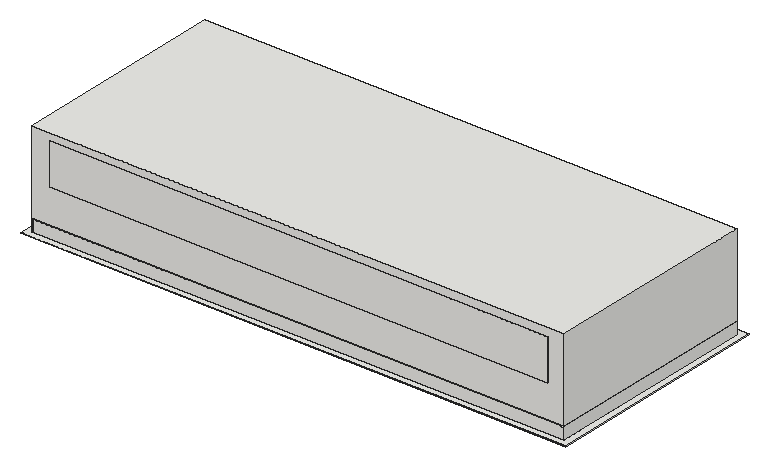
Revit family "AIRTECNICS_AIR CURTAIN_RECESSED WINDBOX BB_AIR ONLY (A)_00", category Mechanical Equipment, Revit 2016
Family settings
  Part Type = Normal
  Round Connector Dimension = Use Diameter
  OmniClass Number = 23.75.70.21.17
  OmniClass Title = Air Curtains
  Work Plane-Based = No
  Always vertical = Yes
  Cut with Voids When Loaded = No
  Shared = No
  Room Calculation Point = No
Parameters (values of type "WINDBOX RBB 2000 A")
  · OTHERS · [instance] = "-/ Select Supports - Inst.Maint. Space /-"  # constant formula
  · HEATING · [instance] = "-/ Heating /-"  # constant formula
  Weight [instance] = size_lookup(Name_Lookup_Data, "Weight", 1.00 kg, CT)  # 100.00 kg
  Voltage [instance] = 230 V  # constant formula
  URL_Manufacturer = "https://www.airtecnics.com"
  URL_Datasheet = "https://www.airtecnics.com/download/file/5184/recessed-windbox-bb.pdf"
  Supports Length [instance] = 500.0 mm
  Supports (Horizontal) [instance] = no
  Revit Version = "Revit 2016 - English"  # constant formula
  Review Date = "12/18"  # constant formula
  Remote Control = "-"  # constant formula
  Product Size = if(CT = 2, "1000", if(CT = 4, "1500", if(CT = 8, "2000", if(CT = 16, "2500", if(CT = 32, "3000", "Consult Manufacturer")))))  # "2000"
  Product Reference [instance] = size_lookup(Name_Lookup_Ref, "", "Consult Manufacturer", CT)  # "RBB 2000 A"
  Product Heating [instance] = "Air"  # constant formula
  Product Description [instance] = size_lookup(Name_Lookup_Data, "", "Consult Manufacturer", CT)  # "Self-supporting casing construction made of galvanized steel plate, ready to be installed recessed in a false ceiling. \r\nInlet grille (free of maintenance) made with aluminium profiles and blow-out nozzle, integrated in a single white frame colour RAL 9016. Other colours are available on request. \r\nAnodized aluminium outlet vanes, airfoil shaped, adjustable in both directions.\r\nEC Double-inlet centrifugal fans driven by an external rotor motor and low noise level, with very low consumption efficency fans.\r\n“A” type without heating, air only. \r\nIncludes Clever control (programmable, automatic, intelligent, energy saving, Modbus RTU for BMS…)\r\nAir Volume: 8040 m3/h \r\nFans:  1,746 kW  7,74 A 230Vx1 50/60Hz\r\nDimensions: 860x360x2050 mm (depth, height, length)"
  Power Fans Factor [instance] = size_lookup(Name_Lookup_Data, "Power Fans Factor", 1, CT)  # 0.98
  Power Fans [instance] = size_lookup(Name_Lookup_Data, "Power Fans", 1 kW, CT)  # 1.746 kW
  Noise Level (dB(A)) [instance] = size_lookup(Name_Lookup_Data, "Noise Level (dB(A))", 1, CT)  # 68
  Name_Lookup_Ref = "R_WINDBOX BB_(A)_Ref_Lookup"  # constant formula
  Name_Lookup_Data = "R_WINDBOX BB_(A)_Data_Lookup"  # constant formula
  Material Inlet Grille [instance] = AIRTECNICS_White RAL 9016
  Material Curtain [instance] = AIRTECNICS_White RAL 9016
  Length = if(CT = 2, 1050.0 mm, if(CT = 4, 1550.0 mm, if(CT = 8, 2050.0 mm, if(CT = 16, 2550.0 mm, L + 50.0 mm))))  # 2050.0 mm
  IfcExportType = "CENTRIFUGALFORWARDCURVED"  # constant formula
  IfcExportAs = "IfcFanType"  # constant formula
  Height = 360.0 mm  # constant formula
  Frequency = 50 Hz  # constant formula
  Fans Stage = 5  # constant formula
  Family Version = "1.0"  # constant formula
  Depth = 860.0 mm  # constant formula
  Current Fans [instance] = size_lookup(Name_Lookup_Data, "Current Fans", 1 A, CT)  # 7.74 A
  Created by = "BIMETRICAL"  # constant formula
  Control [instance] = "Clever Kit"  # constant formula
  Cable = "-"  # constant formula
  URL = "https://www.airtecnics.com/products/air-curtain-recessed-windbox-bb"
  Model = "Air curtain Recessed Windbox BB A"  # constant formula
  L = 2000.0 mm
  Type Image = <None>
  Manufacturer = "AIRTECNICS"  # constant formula
  Description = ""
  Type Comments = "Self-supporting casing construction made of galvanized steel plate, ready to be installed recessed in a false ceiling. \r\nInlet grille (free of maintenance) made with aluminium profiles and blow-out nozzle, integrated in a single white frame colour RAL 9016. Other colours are available on request. \r\nAnodized aluminium outlet vanes, airfoil shaped, adjustable in both directions.\r\nEC Double-inlet centrifugal fans driven by an external rotor motor and low noise level, with very low consumption efficency fans.\r\n“P” type with water heated coil. “E” type with electrical shielded elements, three stages with integrated regulation. “A” type without heating, air only. Optional expansion DX coil.\r\nIncludes Clever control (programmable, automatic, intelligent, energy saving, Modbus RTU for BMS…)"  # constant formula
  CT = if(L = 1000.0 mm, 2, 0) + if(L = 1500.0 mm, 4, 0) + if(L = 2000.0 mm, 8, 0) + if(L = 2500.0 mm, 16, 0) + if(L = 3000.0 mm, 32, 0)  # 8
  BIMETRICAL Category = "Fan"  # constant formula
  BIMETRICAL = "http://www.bimetrical.com/"  # constant formula
  Aspiration/Maintenance Space [instance] = no
  Apparent Load [instance] = size_lookup(Name_Lookup_Data, "Apparent Load", 1 VA, CT)  # 1782 VA
  Airflow [instance] = size_lookup(Name_Lookup_Data, "Airflow", 1 m³/h, CT)  # 8040 m³/h
  A [instance] = 1 = 1  # yes
Reference planes
  plane 1 "Centro (Frontal/Posterior)": z = 0
  plane 2: y = 246.57
  plane 3 "Centro (Izquierda/Derecha)": x = 0
Lines and regions (mm)
  reference lines
    curve 1: line (0, 246.57, 0) -> (0, 246.57, 130)
Dimensions and locks
  angle plane 1 "Centro (Frontal/Posterior)" to curve 1 = 90.00°
Nested families
  nested 1: "GEOM_RECESSED WINDBOX BB (A-E)" at (0, 175, 48), L <- "L", ViHS <- "Supports (Horizontal)", Support Length <- "Supports Length", Aspiration/Maintenance Space <- "Aspiration/Maintenance Space", Material Curtain <- "Material Curtain", Material Inlet Grille <- "Material Inlet Grille", CT <- "CT", type "Air curtain Recessed Windbox BB (A-E)"
    with ViHSC no, ViHS no, Vi2 no, Vi1 yes, TI 9, Support Length 500.0 mm, Material Inlet Grille AIRTECNICS_White RAL 9016, Material Curtain AIRTECNICS_White RAL 9016, LiS 810.0 mm, Li6 810.0 mm, Li17 64.5 mm, Li16 10.0 mm, Li15 10.0 mm, L 2000.0 mm, CT 8, Aspiration/Maintenance Space no
Connectors
  electrical at (859, 555.57, 358), driven by "Voltage", driven by "Apparent Load", driven by "Power Fans Factor", driven by "Apparent Load"
    settings: on nested 1, index 1, voltage 230 V, apparent load 1782 VA, apparent load phase1 1782 VA, apparent load phase2 0 VA, apparent load phase3 0 VA, power factor 0.98, load classification "HVAC", number of poles 1, system type 30, power factor state 1, is connector primary yes, connector utility no, sub classification motor no, connector description ""
Definition of nested family "GEOM_RECESSED WINDBOX BB (A-E)"
  Parameters (values of type "Air curtain Recessed Windbox BB (A-E)")
    ViHSC [instance] = if(and(ViHS, L > 1000.0 mm), 1 = 1, 1 = 0)  # no
    Vi2 [instance] = if(L = 2500.0 mm, 1 = 1, 1 = 0)  # yes
    Vi1 [instance] = not(Vi2)  # no
    TI [instance] = if(L = 1000.0 mm, 5, if(L = 1500.0 mm, 7, if(L = 2000.0 mm, 9, if(L = 2500.0 mm, 11, L / 200.0 mm))))  # 11
    Material Outlet Grille = none
    Material II = none
    Material I = none
    Material Inlet Grille [instance] = none
    Material = none
    Li17 [instance] = if(or(CT = 2, CT = 16), 59.5 mm, if(or(CT = 4, CT = 32), 62.0 mm, 64.5 mm))  # 59.5 mm
    Li16 [instance] = 10.0 mm  # constant formula
    Li15 [instance] = 10.0 mm  # constant formula
    CT [instance] = 16
    ViHS [instance] = no
    Support Length [instance] = 500.0 mm
    LiS [instance] = Support Length + 310.0 mm  # 810.0 mm
    Revit Version = "Revit 2016 - English"  # constant formula
    Review Date = "12/18"  # constant formula
    Material Curtain [instance] = none
    Li6 [instance] = Depth  # 810.0 mm
    Family Version = "1.0"  # constant formula
    Depth = 810.0 mm  # constant formula
    Default Elevation = 1219.2 mm
    Created by = "BIMETRICAL"  # constant formula
    URL = "https://www.airtecnics.com/products/air-curtain-recessed-windbox-bb"
    Model = "Air curtain Recessed Windbox BB"  # constant formula
    L [instance] = 2500.0 mm
    Type Image = (empty or 0)
    Manufacturer = "AIRTECNICS"  # constant formula
    Description = "AIRTECNICS_Air curtain Recessed Windbox BB"  # constant formula
    Type Comments = ""
    BIMETRICAL Category = "Fan"  # constant formula
    BIMETRICAL = "http://www.bimetrical.com/"  # constant formula
    Aspiration/Maintenance Space [instance] = no
  Reference planes
    plane 1 "Centro (Frontal/Posterior)": z = 0
    plane 2: y = 226.57
    plane 3 "Centro (Izquierda/Derecha)": x = 0
    plane 4: z = 310
    plane 5: y = 476.57
    plane 6: y = -23.43
    plane 7: x = -1250
    plane 8: x = 1250
    plane 9: x = -1210
    plane 10: x = 1210
    plane 11: y = 442.57
    plane 12: y = 105.57
    plane 13: y = -313.43
    plane 14: y = -333.43
    plane 15: y = 501.57
    plane 16: x = 1275
    plane 17: y = -358.43
    plane 18: z = -48
    plane 19: z = -50
    plane 20: x = 1248
    plane 21: x = -1248
    plane 22: x = -418.5
    plane 23: x = 418.5
    plane 24: x = -1203.5
    plane 25: x = 1203.5
    plane 26: x = -962.8
    plane 27: x = -722.1
    plane 28: x = -481.4
    plane 29: z = -250
    plane 30: y = -331.454
    plane 31: y = -49.53
    plane 32: x = 1335
    plane 33: x = -1425
    plane 34: x = -240.7
    plane 35: x = 0
    plane 36: x = 240.7
    plane 37: x = 481.4
    plane 38: x = 722.1
    plane 39: x = 962.8
    plane 40: x = -1190.5
    plane 41: x = 1190.5
  Forms (mm)
    Extrusion 1, solid, material <- "Material Inlet Grille"
      sketch origin (0, 0, -50) x (1, 0, 0) y (0, 1, 0)
        loop
          line (-1250, 476.57) -> (-1250, -333.43) -> (1250, -333.43) -> (1250, 476.57) -> (-1250, 476.57)
      from 0 to 50
    Extrusion 2, void, detail levels medium+fine
      sketch origin (0, 0, -50) x (1, 0, 0) y (0, 1, 0)
        loop
          line (-1249, 474.57) -> (-1249, 387.47) -> (1249, 387.47) -> (1249, 474.57) -> (-1249, 474.57)
      from 0 to 46
    Extrusion 3, solid, material <- "Material Curtain", not visible
      sketch origin (559.734, 0, 50) x (1, 0, 0) y (0, 1, 0)
        loop
          line (613.266, 405.57) -> (485.266, 405.57) -> (485.266, 355.57) -> (613.266, 355.57) -> (613.266, 405.57)
      from 260 to 259
    Extrusion 4, solid, visible <- "ViHS"
      sketch origin (0, 0, 0) x (1, 0, 0) y (0, 1, 0)
        loop
          circle (-1210, 442.57) r 3.375
      from 310 to 810 <- "LiS"
    Extrusion 5, solid, visible <- "ViHSC"
      sketch origin (1185, 0, 0) x (1, 0, 0) y (0, 1, 0)
        loop
          circle (-1185, 442.57) r 3.375
      from 310 to 810 <- "LiS"
    Extrusion 6, solid, visible <- "ViHS"
      sketch origin (2385, 0, 0) x (1, 0, 0) y (0, 1, 0)
        loop
          circle (-1175, 442.57) r 3.375
      from 310 to 810 <- "LiS"
    Extrusion 7, solid, visible <- "ViHSC"
      sketch origin (1185, -240, 0) x (1, 0, 0) y (0, 1, 0)
        loop
          circle (-1185, 345.57) r 3.375
      from 310 to 810 <- "LiS"
    Extrusion 8, solid, visible <- "ViHS"
      sketch origin (2344.293, -280.483, 0) x (1, 0, 0) y (0, 1, 0)
        loop
          circle (-1134.293, 386.053) r 3.375
      from 310 to 810 <- "LiS"
    Extrusion 9, solid, visible <- "ViHS"
      sketch origin (9.293, -280.483, 0) x (1, 0, 0) y (0, 1, 0)
        loop
          circle (-1219.293, 386.053) r 3.375
      from 310 to 810 <- "LiS"
    Extrusion 10, solid, visible <- "Aspiration/Maintenance Space"
      sketch origin (0, 0, -50) x (1, 0, 0) y (0, 1, 0)
        loop
          line (-1250, 476.57) -> (-1250, -333.43) -> (1250, -333.43) -> (1250, 476.57) -> (-1250, 476.57)
      from 360 to 460
    Extrusion 11, solid, visible <- "Aspiration/Maintenance Space"
      sketch origin (230, 226.57, 5) x (1, 0, 0) y (0, 0, 1)
        loop
          line (1020, 305) -> (1020, -53) -> (1030, -53) -> (1030, 305) -> (1020, 305)
      from -250 to 560
    Extrusion 12, solid, visible <- "Aspiration/Maintenance Space"
      sketch origin (-2520, 226.57, 5) x (1, 0, 0) y (0, 0, 1)
        loop
          line (1260, 305) -> (1260, -53) -> (1270, -53) -> (1270, 305) -> (1260, 305)
      from -250 to 560
    Extrusion 13, solid, visible <- "ViHSC"
      sketch origin (1185, -609, 0) x (1, 0, 0) y (0, 1, 0)
        loop
          circle (-1185, 295.57) r 3.375
      from 310 to 810 <- "LiS"
    Extrusion 14, solid, visible <- "ViHS"
      sketch origin (2344.293, -649.483, 0) x (1, 0, 0) y (0, 1, 0)
        loop
          circle (-1134.293, 336.053) r 3.375
      from 310 to 810 <- "LiS"
    Extrusion 15, solid, visible <- "ViHS"
      sketch origin (9.293, -649.483, 0) x (1, 0, 0) y (0, 1, 0)
        loop
          circle (-1219.293, 336.053) r 3.375
      from 310 to 810 <- "LiS"
    Extrusion 16, solid, material <- "Material Inlet Grille"
      sketch origin (-54.078, -166.435, -50) x (1, 0, 0) y (0, 1, 0)
        loop
          line (-1220.922, -191.996) -> (1329.078, -191.996) -> (1329.078, 668.004) -> (-1220.922, 668.004) -> (-1220.922, -191.996)
        loop
          line (-1195.922, -166.996) -> (1304.078, -166.996) -> (1304.078, 643.004) -> (-1195.922, 643.004) -> (-1195.922, -166.996)
      from 0 to 2
    Sweep 17, void
      path origin (0, 0, -50) x (1, 0, 0) y (0, 1, 0)
        loop
          line (-1250, 476.57) -> (-1250, -333.43) -> (1250, -333.43) -> (1250, 476.57) -> (-1250, 476.57)
      profile origin (0, 476.57, -50) x (0, 1, 0) y (0, 0, 1)
        loop
          line (0, 46) -> (0, 50) -> (-4, 50)
          arc (-4, 50) -> (-1.172, 48.828) -> (0, 46) r 4
    Extrusion 18, solid, material <- "Material Outlet Grille"
      sketch origin (0, 0, 0) x (0, 1, 0) y (0, 0, 1)
        loop
          line (452.413, -27.506) -> (455.591, -46.036)
          arc (455.591, -46.036) -> (457.07, -47.282) -> (458.548, -46.036) r 1.5
          line (458.548, -46.036) -> (461.726, -27.506)
          arc (461.726, -27.506) -> (457.07, -21.982) -> (452.413, -27.506) r 4.725
        loop
          arc (429.342, -46.036) -> (430.82, -47.282) -> (432.299, -46.036) r 1.5
          line (432.299, -46.036) -> (435.477, -27.506)
          arc (435.477, -27.506) -> (430.82, -21.982) -> (426.163, -27.506) r 4.725
          line (426.163, -27.506) -> (429.342, -46.036)
        loop
          arc (409.976, -27.506) -> (405.319, -21.982) -> (400.662, -27.506) r 4.725
          line (400.662, -27.506) -> (403.84, -46.036)
          arc (403.84, -46.036) -> (405.319, -47.282) -> (406.797, -46.036) r 1.5
          line (406.797, -46.036) -> (409.976, -27.506)
      from -1248 to 1248
    Extrusion 19, void, detail levels medium+fine
      sketch origin (0, -484.3, -50) x (1, 0, 0) y (0, 1, 0)
        loop
          line (-1249, 434.77) -> (-1249, 152.846) -> (1249, 152.846) -> (1249, 434.77) -> (-1249, 434.77)
      from 0 to 46
    Extrusion 20, solid, material <- "Material Curtain"
      sketch origin (0, 0, -50) x (1, 0, 0) y (0, 1, 0)
        loop
          line (-1250, 476.57) -> (-1250, -333.43) -> (1250, -333.43) -> (1250, 476.57) -> (-1250, 476.57)
      from 50 to 360
    Extrusion 21, solid, material <- "Material II", visible <- "Vi1"
      sketch origin (0, 0, 0) x (0, 1, 0) y (0, 0, 1)
        loop
          line (474.57, -4) -> (400.57, -4) -> (400.57, -47.504) -> (474.57, -47.504) -> (474.57, -4)
      from -7.5 to 7.5
    Extrusion 22, solid, material <- "Material I"
      sketch origin (1191.816, 0, 0) x (0, 1, 0) y (0, 0, 1)
        loop
          arc (402.126, -44.927) -> (403.13, -46.77) -> (405.096, -47.504) r 3
          line (405.096, -47.504) -> (431.043, -47.504)
          arc (431.043, -47.504) -> (433.022, -46.759) -> (434.017, -44.893) r 3
          line (434.017, -44.893) -> (437.046, -21.725)
          arc (437.046, -21.725) -> (436.086, -18.568) -> (433.08, -17.207) r 4
          line (433.08, -17.207) -> (403.059, -17.207)
          arc (403.059, -17.207) -> (400.04, -18.583) -> (399.098, -21.764) r 4
          line (399.098, -21.764) -> (402.126, -44.927)
      from 53.181 to 56.184
    Extrusion 23, solid, material <- "Material I", visible <- "Vi1"
      sketch origin (-45.681, 0, 0) x (0, 1, 0) y (0, 0, 1)
        loop
          arc (402.126, -44.927) -> (403.13, -46.77) -> (405.096, -47.504) r 3
          line (405.096, -47.504) -> (431.043, -47.504)
          arc (431.043, -47.504) -> (433.022, -46.759) -> (434.017, -44.893) r 3
          line (434.017, -44.893) -> (437.046, -21.725)
          arc (437.046, -21.725) -> (436.086, -18.568) -> (433.08, -17.207) r 4
          line (433.08, -17.207) -> (403.059, -17.207)
          arc (403.059, -17.207) -> (400.04, -18.583) -> (399.098, -21.764) r 4
          line (399.098, -21.764) -> (402.126, -44.927)
      from 53.181 to 56.184
    Extrusion 24, solid, material <- "Material I", visible <- "Vi1"
      sketch origin (-63.684, 0, 0) x (0, 1, 0) y (0, 0, 1)
        loop
          arc (402.126, -44.927) -> (403.13, -46.77) -> (405.096, -47.504) r 3
          line (405.096, -47.504) -> (431.043, -47.504)
          arc (431.043, -47.504) -> (433.022, -46.759) -> (434.017, -44.893) r 3
          line (434.017, -44.893) -> (437.046, -21.725)
          arc (437.046, -21.725) -> (436.086, -18.568) -> (433.08, -17.207) r 4
          line (433.08, -17.207) -> (403.059, -17.207)
          arc (403.059, -17.207) -> (400.04, -18.583) -> (399.098, -21.764) r 4
          line (399.098, -21.764) -> (402.126, -44.927)
      from 53.181 to 56.184
    Extrusion 25, solid, material <- "Material II", visible <- "Vi2", not visible
      sketch origin (0, 0, 0) x (0, 1, 0) y (0, 0, 1)
        loop
          line (474.57, -4) -> (400.57, -4) -> (400.57, -47.504) -> (474.57, -47.504) -> (474.57, -4)
      from -7.5 to 7.5
    Extrusion 26, solid, material <- "Material I", visible <- "Vi2", not visible
      sketch origin (-45.681, 0, 0) x (0, 1, 0) y (0, 0, 1)
        loop
          arc (402.126, -44.927) -> (403.13, -46.77) -> (405.096, -47.504) r 3
          line (405.096, -47.504) -> (431.043, -47.504)
          arc (431.043, -47.504) -> (433.022, -46.759) -> (434.017, -44.893) r 3
          line (434.017, -44.893) -> (437.046, -21.725)
          arc (437.046, -21.725) -> (436.086, -18.568) -> (433.08, -17.207) r 4
          line (433.08, -17.207) -> (403.059, -17.207)
          arc (403.059, -17.207) -> (400.04, -18.583) -> (399.098, -21.764) r 4
          line (399.098, -21.764) -> (402.126, -44.927)
      from 53.181 to 56.184
    Extrusion 27, solid, material <- "Material I", visible <- "Vi2", not visible
      sketch origin (-63.684, 0, 0) x (0, 1, 0) y (0, 0, 1)
        loop
          arc (402.126, -44.927) -> (403.13, -46.77) -> (405.096, -47.504) r 3
          line (405.096, -47.504) -> (431.043, -47.504)
          arc (431.043, -47.504) -> (433.022, -46.759) -> (434.017, -44.893) r 3
          line (434.017, -44.893) -> (437.046, -21.725)
          arc (437.046, -21.725) -> (436.086, -18.568) -> (433.08, -17.207) r 4
          line (433.08, -17.207) -> (403.059, -17.207)
          arc (403.059, -17.207) -> (400.04, -18.583) -> (399.098, -21.764) r 4
          line (399.098, -21.764) -> (402.126, -44.927)
      from 53.181 to 56.184
    Extrusion 28, solid, material <- "Material II", visible <- "Vi2"
      sketch origin (418.5, 0, 0) x (0, 1, 0) y (0, 0, 1)
        loop
          line (474.57, -4) -> (400.57, -4) -> (400.57, -47.504) -> (474.57, -47.504) -> (474.57, -4)
      from -7.5 to 7.5
    Extrusion 29, solid, material <- "Material I", visible <- "Vi2"
      sketch origin (372.819, 0, 0) x (0, 1, 0) y (0, 0, 1)
        loop
          arc (402.126, -44.927) -> (403.13, -46.77) -> (405.096, -47.504) r 3
          line (405.096, -47.504) -> (431.043, -47.504)
          arc (431.043, -47.504) -> (433.022, -46.759) -> (434.017, -44.893) r 3
          line (434.017, -44.893) -> (437.046, -21.725)
          arc (437.046, -21.725) -> (436.086, -18.568) -> (433.08, -17.207) r 4
          line (433.08, -17.207) -> (403.059, -17.207)
          arc (403.059, -17.207) -> (400.04, -18.583) -> (399.098, -21.764) r 4
          line (399.098, -21.764) -> (402.126, -44.927)
      from 53.181 to 56.184
    Extrusion 30, solid, material <- "Material I", visible <- "Vi2"
      sketch origin (354.816, 0, 0) x (0, 1, 0) y (0, 0, 1)
        loop
          arc (402.126, -44.927) -> (403.13, -46.77) -> (405.096, -47.504) r 3
          line (405.096, -47.504) -> (431.043, -47.504)
          arc (431.043, -47.504) -> (433.022, -46.759) -> (434.017, -44.893) r 3
          line (434.017, -44.893) -> (437.046, -21.725)
          arc (437.046, -21.725) -> (436.086, -18.568) -> (433.08, -17.207) r 4
          line (433.08, -17.207) -> (403.059, -17.207)
          arc (403.059, -17.207) -> (400.04, -18.583) -> (399.098, -21.764) r 4
          line (399.098, -21.764) -> (402.126, -44.927)
      from 53.181 to 56.184
    Extrusion 31, solid, visible <- "Vi1", not visible
      sketch origin (1185, 0, 0) x (1, 0, 0) y (0, 1, 0)
        loop
          circle (-1185, 442.57) r 3.375
      from 260 to 810 <- "LiS"
    Extrusion 32, solid, material <- "Material II", visible <- "Vi1", not visible
      sketch origin (0, 0, 0) x (0, 1, 0) y (0, 0, 1)
        loop
          line (474.57, -4) -> (400.57, -4) -> (400.57, -47.504) -> (474.57, -47.504) -> (474.57, -4)
      from -7.5 to 7.5
    Extrusion 33, solid, material <- "Material I", visible <- "Vi1", not visible
      sketch origin (-45.681, 0, 0) x (0, 1, 0) y (0, 0, 1)
        loop
          arc (402.126, -44.927) -> (403.13, -46.77) -> (405.096, -47.504) r 3
          line (405.096, -47.504) -> (431.043, -47.504)
          arc (431.043, -47.504) -> (433.022, -46.759) -> (434.017, -44.893) r 3
          line (434.017, -44.893) -> (437.046, -21.725)
          arc (437.046, -21.725) -> (436.086, -18.568) -> (433.08, -17.207) r 4
          line (433.08, -17.207) -> (403.059, -17.207)
          arc (403.059, -17.207) -> (400.04, -18.583) -> (399.098, -21.764) r 4
          line (399.098, -21.764) -> (402.126, -44.927)
      from 53.181 to 56.184
    Extrusion 34, solid, material <- "Material I", visible <- "Vi1", not visible
      sketch origin (-63.684, 0, 0) x (0, 1, 0) y (0, 0, 1)
        loop
          arc (402.126, -44.927) -> (403.13, -46.77) -> (405.096, -47.504) r 3
          line (405.096, -47.504) -> (431.043, -47.504)
          arc (431.043, -47.504) -> (433.022, -46.759) -> (434.017, -44.893) r 3
          line (434.017, -44.893) -> (437.046, -21.725)
          arc (437.046, -21.725) -> (436.086, -18.568) -> (433.08, -17.207) r 4
          line (433.08, -17.207) -> (403.059, -17.207)
          arc (403.059, -17.207) -> (400.04, -18.583) -> (399.098, -21.764) r 4
          line (399.098, -21.764) -> (402.126, -44.927)
      from 53.181 to 56.184
    Extrusion 35, solid, material <- "Material II", visible <- "Vi2"
      sketch origin (-418.5, 0, 0) x (0, 1, 0) y (0, 0, 1)
        loop
          line (474.57, -4) -> (400.57, -4) -> (400.57, -47.504) -> (474.57, -47.504) -> (474.57, -4)
      from -7.5 to 7.5
    Extrusion 36, solid, material <- "Material I", visible <- "Vi2"
      sketch origin (-464.181, 0, 0) x (0, 1, 0) y (0, 0, 1)
        loop
          arc (402.126, -44.927) -> (403.13, -46.77) -> (405.096, -47.504) r 3
          line (405.096, -47.504) -> (431.043, -47.504)
          arc (431.043, -47.504) -> (433.022, -46.759) -> (434.017, -44.893) r 3
          line (434.017, -44.893) -> (437.046, -21.725)
          arc (437.046, -21.725) -> (436.086, -18.568) -> (433.08, -17.207) r 4
          line (433.08, -17.207) -> (403.059, -17.207)
          arc (403.059, -17.207) -> (400.04, -18.583) -> (399.098, -21.764) r 4
          line (399.098, -21.764) -> (402.126, -44.927)
      from 53.181 to 56.184
    Extrusion 37, solid, material <- "Material I", visible <- "Vi2"
      sketch origin (-482.184, 0, 0) x (0, 1, 0) y (0, 0, 1)
        loop
          arc (402.126, -44.927) -> (403.13, -46.77) -> (405.096, -47.504) r 3
          line (405.096, -47.504) -> (431.043, -47.504)
          arc (431.043, -47.504) -> (433.022, -46.759) -> (434.017, -44.893) r 3
          line (434.017, -44.893) -> (437.046, -21.725)
          arc (437.046, -21.725) -> (436.086, -18.568) -> (433.08, -17.207) r 4
          line (433.08, -17.207) -> (403.059, -17.207)
          arc (403.059, -17.207) -> (400.04, -18.583) -> (399.098, -21.764) r 4
          line (399.098, -21.764) -> (402.126, -44.927)
      from 53.181 to 56.184
    Extrusion 38, solid, material <- "Material Outlet Grille"
      sketch origin (0, -232.43, -85.237) x (1, 0, 0) y (0, 0, 1)
        loop
          circle (-1203.5, 56.137) r 4
      from -220 to 95
    Extrusion 39, solid, material <- "Material Outlet Grille"
      sketch origin (2407, -232.43, -85.237) x (1, 0, 0) y (0, 0, 1)
        loop
          circle (-1203.5, 56.137) r 4
      from -220 to 95
    Extrusion 40, solid, material <- "Material Outlet Grille"
      sketch origin (240.7, -232.43, -85.237) x (1, 0, 0) y (0, 0, 1)
        loop
          circle (-1203.5, 56.137) r 4
      from -220 to 95
    Extrusion 41, solid, material <- "Material Outlet Grille"
      sketch origin (481.4, -232.43, -85.237) x (1, 0, 0) y (0, 0, 1)
        loop
          circle (-1203.5, 56.137) r 4
      from -220 to 95
    Extrusion 42, solid, material <- "Material Outlet Grille"
      sketch origin (722.1, -232.43, -85.237) x (1, 0, 0) y (0, 0, 1)
        loop
          circle (-1203.5, 56.137) r 4
      from -220 to 95
    Extrusion 43, solid, material <- "Material I"
      sketch origin (-1301.181, 0, 0) x (0, 1, 0) y (0, 0, 1)
        loop
          arc (402.126, -44.927) -> (403.13, -46.77) -> (405.096, -47.504) r 3
          line (405.096, -47.504) -> (431.043, -47.504)
          arc (431.043, -47.504) -> (433.022, -46.759) -> (434.017, -44.893) r 3
          line (434.017, -44.893) -> (437.046, -21.725)
          arc (437.046, -21.725) -> (436.086, -18.568) -> (433.08, -17.207) r 4
          line (433.08, -17.207) -> (403.059, -17.207)
          arc (403.059, -17.207) -> (400.04, -18.583) -> (399.098, -21.764) r 4
          line (399.098, -21.764) -> (402.126, -44.927)
      from 53.181 to 56.184
    Extrusion 44, solid, material <- "Material Inlet Grille"
      sketch origin (0, -150, 0) x (0, 1, 0) y (0, 0, 1)
        loop
          line (96.77, -33.656) -> (82.009, -45.189)
          arc (82.009, -45.189) -> (78.063, -47.263) -> (73.64, -47.821) r 12.5
          line (73.64, -47.821) -> (73.57, -49.119)
          arc (73.57, -49.119) -> (78.453, -48.503) -> (82.809, -46.213) r 13.8
          line (82.809, -46.213) -> (97.57, -34.681)
          arc (97.57, -34.681) -> (98.306, -33.772) -> (98.57, -32.632) r 2.6
          line (98.57, -32.632) -> (98.57, -23.9) -> (97.27, -23.9) -> (97.27, -32.632)
          arc (97.27, -32.632) -> (97.138, -33.202) -> (96.77, -33.656) r 1.3
        loop
          line (71.77, -33.656) -> (57.009, -45.189)
          arc (57.009, -45.189) -> (53.063, -47.263) -> (48.64, -47.821) r 12.5
          line (48.64, -47.821) -> (48.57, -49.119)
          arc (48.57, -49.119) -> (53.453, -48.503) -> (57.809, -46.213) r 13.8
          line (57.809, -46.213) -> (72.57, -34.681)
          arc (72.57, -34.681) -> (73.306, -33.772) -> (73.57, -32.632) r 2.6
          line (73.57, -32.632) -> (73.57, -23.9) -> (72.27, -23.9) -> (72.27, -32.632)
          arc (72.27, -32.632) -> (72.138, -33.202) -> (71.77, -33.656) r 1.3
        loop
          line (48.97, -33.656) -> (34.209, -45.189)
          arc (34.209, -45.189) -> (30.263, -47.263) -> (25.84, -47.821) r 12.5
          line (25.84, -47.821) -> (25.77, -49.119)
          arc (25.77, -49.119) -> (30.653, -48.503) -> (35.009, -46.213) r 13.8
          line (35.009, -46.213) -> (49.77, -34.681)
          arc (49.77, -34.681) -> (50.506, -33.772) -> (50.77, -32.632) r 2.6
          line (50.77, -32.632) -> (50.77, -23.9) -> (49.47, -23.9) -> (49.47, -32.632)
          arc (49.47, -32.632) -> (49.338, -33.202) -> (48.97, -33.656) r 1.3
        loop
          line (26.17, -33.656) -> (11.409, -45.189)
          arc (11.409, -45.189) -> (7.463, -47.263) -> (3.04, -47.821) r 12.5
          line (3.04, -47.821) -> (2.97, -49.119)
          arc (2.97, -49.119) -> (7.853, -48.503) -> (12.209, -46.213) r 13.8
          line (12.209, -46.213) -> (26.97, -34.681)
          arc (26.97, -34.681) -> (27.706, -33.772) -> (27.97, -32.632) r 2.6
          line (27.97, -32.632) -> (27.97, -23.9) -> (26.67, -23.9) -> (26.67, -32.632)
          arc (26.67, -32.632) -> (26.538, -33.202) -> (26.17, -33.656) r 1.3
        loop
          line (3.37, -33.656) -> (-11.391, -45.189)
          arc (-11.391, -45.189) -> (-15.337, -47.263) -> (-19.76, -47.821) r 12.5
          line (-19.76, -47.821) -> (-19.83, -49.119)
          arc (-19.83, -49.119) -> (-14.947, -48.503) -> (-10.591, -46.213) r 13.8
          line (-10.591, -46.213) -> (4.17, -34.681)
          arc (4.17, -34.681) -> (4.906, -33.772) -> (5.17, -32.632) r 2.6
          line (5.17, -32.632) -> (5.17, -23.9) -> (3.87, -23.9) -> (3.87, -32.632)
          arc (3.87, -32.632) -> (3.738, -33.202) -> (3.37, -33.656) r 1.3
        loop
          line (-19.43, -33.656) -> (-34.191, -45.189)
          arc (-34.191, -45.189) -> (-38.137, -47.263) -> (-42.56, -47.821) r 12.5
          line (-42.56, -47.821) -> (-42.63, -49.119)
          arc (-42.63, -49.119) -> (-37.747, -48.503) -> (-33.391, -46.213) r 13.8
          line (-33.391, -46.213) -> (-18.63, -34.681)
          arc (-18.63, -34.681) -> (-17.894, -33.772) -> (-17.63, -32.632) r 2.6
          line (-17.63, -32.632) -> (-17.63, -23.9) -> (-18.93, -23.9) -> (-18.93, -32.632)
          arc (-18.93, -32.632) -> (-19.062, -33.202) -> (-19.43, -33.656) r 1.3
        loop
          line (-42.23, -33.656) -> (-56.991, -45.189)
          arc (-56.991, -45.189) -> (-60.937, -47.263) -> (-65.36, -47.821) r 12.5
          line (-65.36, -47.821) -> (-65.43, -49.119)
          arc (-65.43, -49.119) -> (-60.547, -48.503) -> (-56.191, -46.213) r 13.8
          line (-56.191, -46.213) -> (-41.43, -34.681)
          arc (-41.43, -34.681) -> (-40.694, -33.772) -> (-40.43, -32.632) r 2.6
          line (-40.43, -32.632) -> (-40.43, -23.9) -> (-41.73, -23.9) -> (-41.73, -32.632)
          arc (-41.73, -32.632) -> (-41.862, -33.202) -> (-42.23, -33.656) r 1.3
        loop
          line (-65.03, -33.656) -> (-79.791, -45.189)
          arc (-79.791, -45.189) -> (-83.737, -47.263) -> (-88.16, -47.821) r 12.5
          line (-88.16, -47.821) -> (-88.23, -49.119)
          arc (-88.23, -49.119) -> (-83.347, -48.503) -> (-78.991, -46.213) r 13.8
          line (-78.991, -46.213) -> (-64.23, -34.681)
          arc (-64.23, -34.681) -> (-63.494, -33.772) -> (-63.23, -32.632) r 2.6
          line (-63.23, -32.632) -> (-63.23, -23.9) -> (-64.53, -23.9) -> (-64.53, -32.632)
          arc (-64.53, -32.632) -> (-64.662, -33.202) -> (-65.03, -33.656) r 1.3
        loop
          line (-87.83, -33.656) -> (-102.591, -45.189)
          arc (-102.591, -45.189) -> (-106.537, -47.263) -> (-110.96, -47.821) r 12.5
          line (-110.96, -47.821) -> (-111.03, -49.119)
          arc (-111.03, -49.119) -> (-106.147, -48.503) -> (-101.791, -46.213) r 13.8
          line (-101.791, -46.213) -> (-87.03, -34.681)
          arc (-87.03, -34.681) -> (-86.294, -33.772) -> (-86.03, -32.632) r 2.6
          line (-86.03, -32.632) -> (-86.03, -23.9) -> (-87.33, -23.9) -> (-87.33, -32.632)
          arc (-87.33, -32.632) -> (-87.462, -33.202) -> (-87.83, -33.656) r 1.3
        loop
          line (-110.63, -33.656) -> (-125.391, -45.189)
          arc (-125.391, -45.189) -> (-129.337, -47.263) -> (-133.76, -47.821) r 12.5
          line (-133.76, -47.821) -> (-133.83, -49.119)
          arc (-133.83, -49.119) -> (-128.947, -48.503) -> (-124.591, -46.213) r 13.8
          line (-124.591, -46.213) -> (-109.83, -34.681)
          arc (-109.83, -34.681) -> (-109.094, -33.772) -> (-108.83, -32.632) r 2.6
          line (-108.83, -32.632) -> (-108.83, -23.9) -> (-110.13, -23.9) -> (-110.13, -32.632)
          arc (-110.13, -32.632) -> (-110.262, -33.202) -> (-110.63, -33.656) r 1.3
        loop
          line (-133.43, -33.656) -> (-148.191, -45.189)
          arc (-148.191, -45.189) -> (-152.137, -47.263) -> (-156.56, -47.821) r 12.5
          line (-156.56, -47.821) -> (-156.63, -49.119)
          arc (-156.63, -49.119) -> (-151.747, -48.503) -> (-147.391, -46.213) r 13.8
          line (-147.391, -46.213) -> (-132.63, -34.681)
          arc (-132.63, -34.681) -> (-131.894, -33.772) -> (-131.63, -32.632) r 2.6
          line (-131.63, -32.632) -> (-131.63, -23.9) -> (-132.93, -23.9) -> (-132.93, -32.632)
          arc (-132.93, -32.632) -> (-133.062, -33.202) -> (-133.43, -33.656) r 1.3
        loop
          line (-156.23, -33.656) -> (-170.991, -45.189)
          arc (-170.991, -45.189) -> (-174.937, -47.263) -> (-179.36, -47.821) r 12.5
          line (-179.36, -47.821) -> (-179.43, -49.119)
          arc (-179.43, -49.119) -> (-174.547, -48.503) -> (-170.191, -46.213) r 13.8
          line (-170.191, -46.213) -> (-155.43, -34.681)
          arc (-155.43, -34.681) -> (-154.694, -33.772) -> (-154.43, -32.632) r 2.6
          line (-154.43, -32.632) -> (-154.43, -23.9) -> (-155.73, -23.9) -> (-155.73, -32.632)
          arc (-155.73, -32.632) -> (-155.862, -33.202) -> (-156.23, -33.656) r 1.3
      from -1248 to 1248
    Extrusion 45, solid, visible <- "Aspiration/Maintenance Space"
      sketch origin (0, 0, -590) x (1, 0, 0) y (0, 1, 0)
        loop
          line (-1248, -49.53) -> (-1248, -331.454) -> (1248, -331.454) -> (1248, -49.53) -> (-1248, -49.53)
      from 340 to 540
    Extrusion 46, solid, material <- "Material Outlet Grille"
      sketch origin (962.8, -232.43, -85.237) x (1, 0, 0) y (0, 0, 1)
        loop
          circle (-1203.5, 56.137) r 4
      from -220 to 95
    Extrusion 47, solid, material <- "Material Outlet Grille"
      sketch origin (1203.5, -232.43, -85.237) x (1, 0, 0) y (0, 0, 1)
        loop
          circle (-1203.5, 56.137) r 4
      from -220 to 95
    Extrusion 48, solid, material <- "Material Outlet Grille"
      sketch origin (1444.2, -232.43, -85.237) x (1, 0, 0) y (0, 0, 1)
        loop
          circle (-1203.5, 56.137) r 4
      from -220 to 95
    Extrusion 49, solid, material <- "Material Outlet Grille"
      sketch origin (1684.9, -232.43, -85.237) x (1, 0, 0) y (0, 0, 1)
        loop
          circle (-1203.5, 56.137) r 4
      from -220 to 95
    Extrusion 50, solid, material <- "Material Outlet Grille"
      sketch origin (1925.6, -232.43, -85.237) x (1, 0, 0) y (0, 0, 1)
        loop
          circle (-1203.5, 56.137) r 4
      from -220 to 95
    Extrusion 51, solid, material <- "Material Outlet Grille"
      sketch origin (2166.3, -232.43, -85.237) x (1, 0, 0) y (0, 0, 1)
        loop
          circle (-1203.5, 56.137) r 4
      from -220 to 95
    Extrusion 52, solid, material <- "Material"
      sketch origin (0.072, 226.541, 5) x (1, 0, 0) y (0, 0, 1)
        loop
          line (-1190.572, 275) -> (-1190.572, 120) -> (1190.428, 120) -> (1190.428, 275) -> (-1190.572, 275)
      from 559.2 to 560.1
    Extrusion 53, solid, visible <- "Aspiration/Maintenance Space"
      sketch origin (0.072, 226.541, -45) x (1, 0, 0) y (0, 0, 1)
        loop
          line (-1190.572, 325) -> (-1190.572, 170) -> (1190.428, 170) -> (1190.428, 325) -> (-1190.572, 325)
      from 560.1 to 760.1
  Cuts and joins
    Extrusion 2, Sweep 17, Extrusion 19 cuts Extrusion 1
    Extrusion 19 cuts Extrusion 16
    joined: Extrusion 1, Extrusion 16
  Dimensions and locks
    locked: plane 4 to plane 1 "Centro (Frontal/Posterior)" at 310
    equal spacing: plane 7, plane 3 "Centro (Izquierda/Derecha)", plane 8
    equal spacing: plane 5, plane 2, plane 6
    "L": plane 7 to plane 8
    plane 5 to plane 6 = 500.0 mm
    plane 1 "Centro (Frontal/Posterior)" to cut or joined group of Extrusion 1, Extrusion 2, Extrusion 16, Sweep 17, Extrusion 19 = 4.0 mm
    locked: plane 7 to plane 9 at 40
    locked: plane 10 to plane 8 at 40
    plane 5 to Extrusion 2 sketch curve = 2.0 mm
    Extrusion 2 sketch curve to plane 8 = 1.0 mm
    plane 7 to Extrusion 2 sketch curve = 1.0 mm
    "Li6": plane 5 to Extrusion 1 sketch curve
    Extrusion 3 sketch curve to plane 8 = 77.0 mm
    plane 5 to Extrusion 3 sketch curve = 71.0 mm
    Extrusion 3 sketch curve to Extrusion 3 sketch curve = 50.0 mm
    Extrusion 3 sketch curve to Extrusion 3 sketch curve = 128.0 mm
    locked: plane 5 to plane 11 at 34
    plane 5 to Extrusion 10 sketch curve = 810.0 mm
    locked: Extrusion 10 to plane 4 at 100
    Extrusion 11 sketch curve to Extrusion 11 sketch curve = 358.0 mm
    Extrusion 12 sketch curve to Extrusion 12 sketch curve = 358.0 mm
    "Li16": Extrusion 12 to Extrusion 12
    "Depth": plane 5 to Extrusion 11
    "Depth": plane 5 to Extrusion 12
    locked: plane 12 to plane 13 at 419
    locked: plane 6 to plane 14 at 310
    locked: plane 15 to plane 5 at 25
    locked: plane 8 to plane 16 at 25
    locked: plane 14 to plane 17 at 25
    locked: plane 18 to plane 19 at 2
    locked: plane 18 to plane 1 "Centro (Frontal/Posterior)" at 48
    locked: Extrusion 18 to plane 19 at 3.964
    locked: plane 15 to Extrusion 18 at 97.729
    locked: plane 20 to plane 8 at 2
    locked: plane 7 to plane 21 at 2
    locked: Extrusion 22 to plane 20 at 3.003
    equal spacing: Extrusion 21, plane 3 "Centro (Izquierda/Derecha)", Extrusion 21
    equal spacing: plane 22, plane 3 "Centro (Izquierda/Derecha)", plane 23
    locked: plane 22 to plane 3 "Centro (Izquierda/Derecha)" at 418.5
    locked: plane 22 to Extrusion 35 at 7.5
    locked: plane 23 to Extrusion 28 at 7.5
    equal spacing: group 5, group 7, group 8, group 9, group 10, group 11, group 12, group 13, group 14, group 15, group 6  (x3)
    locked: plane 25 to plane 16 at 71.5
    locked: plane 21 to Extrusion 43 at 3.003
    plane 19 to plane 29 = 200.0 mm
    locked: plane 31 to plane 6 at 26.1
    locked: plane 14 to plane 30 at 1.976
    "Li15": plane 8 to Extrusion 11
    locked: plane 24 to plane 7 at 46.5
    locked: plane 11 to plane 12 at 337
    locked: Extrusion 53 to Extrusion 53 at 200
    Extrusion 52 sketch curve to Extrusion 52 sketch curve to plane 4 = 155.0 mm locked, 30.0 mm locked
    Extrusion 53 sketch curve to Extrusion 53 sketch curve to plane 4 = 155.0 mm locked, 30.0 mm locked
    "Li17": plane 40 to plane 7
    "Li17": plane 8 to plane 41
    radius of Extrusion 4 sketch curve = 3.375 mm
    radius of Extrusion 5 sketch curve = 3.375 mm
    radius of Extrusion 6 sketch curve = 3.375 mm
    radius of Extrusion 7 sketch curve = 3.375 mm
    radius of Extrusion 8 sketch curve = 3.375 mm
    radius of Extrusion 9 sketch curve = 3.375 mm
    radius of Extrusion 13 sketch curve = 3.375 mm
    radius of Extrusion 14 sketch curve = 3.375 mm
    radius of Extrusion 15 sketch curve = 3.375 mm
    radius of Sweep 17 sketch curve = 4.0 mm
    radius of Extrusion 31 sketch curve = 3.375 mm
    radius of Extrusion 38 sketch curve = 4.0 mm
    radius of Extrusion 39 sketch curve = 4.0 mm
    radius of Extrusion 40 sketch curve = 4.0 mm
    radius of Extrusion 41 sketch curve = 4.0 mm
    radius of Extrusion 42 sketch curve = 4.0 mm
    radius of Extrusion 46 sketch curve = 4.0 mm
    radius of Extrusion 47 sketch curve = 4.0 mm
    radius of Extrusion 48 sketch curve = 4.0 mm
    radius of Extrusion 49 sketch curve = 4.0 mm
    radius of Extrusion 50 sketch curve = 4.0 mm
    radius of Extrusion 51 sketch curve = 4.0 mm
    aligned and locked: Extrusion 1 sketch curve to plane 5
    aligned and locked: plane 7 to Extrusion 1 sketch curve
    aligned and locked: plane 8 to Extrusion 1 sketch curve
    aligned and locked: Extrusion 4 to plane 4
    aligned and locked: plane 9 to Extrusion 4 sketch curve
    aligned and locked: plane 10 to Extrusion 6 sketch curve
    aligned and locked: plane 11 to Extrusion 6 sketch curve
    aligned and locked: plane 9 to Extrusion 9 sketch curve
    aligned and locked: plane 12 to Extrusion 9 sketch curve
    aligned and locked: plane 12 to Extrusion 7 sketch curve
    aligned and locked: plane 10 to Extrusion 8 sketch curve
    aligned and locked: plane 12 to Extrusion 8 sketch curve
    aligned and locked: Extrusion 6 to plane 4
    aligned and locked: Extrusion 8 to plane 4
    aligned and locked: Extrusion 5 to plane 4
    aligned and locked: Extrusion 7 to plane 4
    aligned and locked: Extrusion 9 to plane 4
    aligned and locked: Extrusion 10 sketch curve to plane 5
    aligned and locked: plane 7 to Extrusion 10 sketch curve
    aligned and locked: plane 8 to Extrusion 10 sketch curve
    aligned and locked: Extrusion 10 to plane 4
    aligned and locked: plane 4 to Extrusion 11
    aligned and locked: plane 8 to Extrusion 11
    aligned and locked: plane 5 to Extrusion 11
    aligned and locked: plane 4 to Extrusion 12
    aligned and locked: plane 7 to Extrusion 12
    aligned and locked: plane 5 to Extrusion 12
    aligned and locked: plane 13 to Extrusion 14 sketch curve
    aligned and locked: plane 10 to Extrusion 14 sketch curve
    aligned and locked: plane 13 to Extrusion 13 sketch curve
    aligned and locked: plane 3 "Centro (Izquierda/Derecha)" to Extrusion 13 sketch curve
    aligned and locked: plane 9 to Extrusion 15 sketch curve
    aligned and locked: plane 13 to Extrusion 15 sketch curve
    aligned and locked: Extrusion 14 to plane 4
    aligned and locked: Extrusion 13 to plane 4
    aligned and locked: Extrusion 15 to plane 4
    aligned and locked: Extrusion 10 to plane 14
    aligned and locked: cut or joined group of Extrusion 1, Extrusion 2, Extrusion 16, Sweep 17, Extrusion 19 to plane 14
    aligned and locked: Extrusion 16 sketch curve to plane 17
    aligned and locked: plane 15 to Extrusion 16 sketch curve
    aligned and locked: Extrusion 16 sketch curve to plane 16
    aligned and locked: Extrusion 16 sketch curve to plane 8
    aligned and locked: plane 5 to Extrusion 16 sketch curve
    aligned and locked: Extrusion 16 sketch curve to plane 14
    aligned and locked: Extrusion 16 sketch curve to plane 7
    aligned and locked: plane 18 to Extrusion 16
    aligned and locked: Extrusion 12 to plane 18
    aligned and locked: Extrusion 11 to plane 18
    aligned and locked: level to plane 19
    aligned and locked: cut or joined group of Extrusion 1, Extrusion 2, Extrusion 16, Sweep 17, Extrusion 19 to level
    aligned and locked: cut or joined group of Extrusion 1, Extrusion 2, Extrusion 16, Sweep 17, Extrusion 19 to plane 19
    aligned and locked: plane 7 to Sweep 17 sketch curve
    aligned and locked: plane 14 to Sweep 17 sketch curve
    aligned and locked: Sweep 17 sketch curve to plane 5  (x2)
    aligned and locked: plane 8 to Sweep 17 sketch curve
    aligned and locked: plane 1 "Centro (Frontal/Posterior)" to Sweep 17 sketch curve
    aligned and locked: Extrusion 18 to plane 20
    aligned and locked: Extrusion 18 to plane 21
    aligned and locked: cut or joined group of Extrusion 1, Extrusion 2, Extrusion 16, Sweep 17, Extrusion 19 to plane 1 "Centro (Frontal/Posterior)"
    aligned and locked: plane 8 to Extrusion 20 sketch curve
    aligned and locked: Extrusion 20 sketch curve to plane 5
    aligned and locked: plane 7 to Extrusion 20 sketch curve
    aligned and locked: plane 14 to Extrusion 20 sketch curve
    aligned and locked: plane 4 to Extrusion 20
    aligned and locked: plane 1 "Centro (Frontal/Posterior)" to Extrusion 20
    aligned and locked: Extrusion 22 to plane 20
    aligned and locked: plane 24 to Extrusion 38 sketch curve
    aligned and locked: plane 25 to Extrusion 39 sketch curve
    aligned and locked: plane 26 to Extrusion 40 sketch curve
    aligned and locked: plane 27 to Extrusion 41 sketch curve
    aligned and locked: plane 28 to Extrusion 42 sketch curve
    aligned and locked: Extrusion 43 to plane 21
    aligned and locked: Extrusion 44 to plane 20
    aligned and locked: Extrusion 44 to plane 21
    aligned and locked: plane 19 to Extrusion 45
    aligned and locked: Extrusion 45 to plane 29
    aligned and locked: Extrusion 45 to cut or joined group of Extrusion 1, Extrusion 2, Extrusion 16, Sweep 17, Extrusion 19
    aligned and locked: Extrusion 45 to plane 21
    aligned and locked: Extrusion 45 to plane 20
    aligned and locked: plane 31 to cut or joined group of Extrusion 1, Extrusion 2, Extrusion 16, Sweep 17, Extrusion 19
    aligned and locked: plane 30 to Extrusion 19 sketch curve
    aligned and locked: Extrusion 19 sketch curve to plane 31
    aligned and locked: plane 34 to Extrusion 46 sketch curve
    aligned and locked: plane 35 to Extrusion 47 sketch curve
    aligned and locked: plane 36 to Extrusion 48 sketch curve
    aligned and locked: plane 37 to Extrusion 49 sketch curve
    aligned and locked: plane 38 to Extrusion 50 sketch curve
    aligned and locked: plane 39 to Extrusion 51 sketch curve
    aligned and locked: Extrusion 53 to Extrusion 52
    aligned and locked: Extrusion 52 to plane 40
    aligned and locked: Extrusion 53 to plane 40
    aligned and locked: plane 41 to Extrusion 52
    aligned and locked: plane 41 to Extrusion 53
  Automatic sketch dimensions
    Extrusion 26 sketch curve to Extrusion 26 sketch curve = 3.028 mm
    Extrusion 26 sketch curve to Extrusion 26 sketch curve = 3.961 mm
    Extrusion 26 sketch curve to Extrusion 26 sketch curve = 2.97 mm
    Extrusion 26 sketch curve to Extrusion 26 sketch curve = 2.975 mm
    Extrusion 26 sketch curve to Extrusion 26 sketch curve = 0.557 mm
    Extrusion 26 sketch curve to Extrusion 26 sketch curve = 4.0 mm
    Extrusion 26 sketch curve to Extrusion 26 sketch curve = 3.966 mm
    Extrusion 26 sketch curve to Extrusion 26 sketch curve = 0.0 mm  (x2)
    Extrusion 27 sketch curve to Extrusion 27 sketch curve = 3.028 mm
    Extrusion 27 sketch curve to Extrusion 27 sketch curve = 3.961 mm
    Extrusion 27 sketch curve to Extrusion 27 sketch curve = 2.97 mm
    Extrusion 27 sketch curve to Extrusion 27 sketch curve = 2.975 mm
    Extrusion 27 sketch curve to Extrusion 27 sketch curve = 0.557 mm
    Extrusion 27 sketch curve to Extrusion 27 sketch curve = 4.0 mm
    Extrusion 27 sketch curve to Extrusion 27 sketch curve = 3.966 mm
    Extrusion 27 sketch curve to Extrusion 27 sketch curve = 0.0 mm  (x2)
    Extrusion 26 sketch curve to Extrusion 26 sketch curve = 25.946 mm
    Extrusion 26 sketch curve to Extrusion 26 sketch curve = 2.037 mm
    Extrusion 26 sketch curve to Extrusion 26 sketch curve = 2.578 mm
    Extrusion 26 sketch curve to Extrusion 26 sketch curve = 2.611 mm
    Extrusion 26 sketch curve to Extrusion 26 sketch curve = 23.162 mm
    Extrusion 27 sketch curve to Extrusion 27 sketch curve = 25.946 mm
    Extrusion 27 sketch curve to Extrusion 27 sketch curve = 2.037 mm
    Extrusion 27 sketch curve to Extrusion 27 sketch curve = 2.578 mm
    Extrusion 27 sketch curve to Extrusion 27 sketch curve = 2.611 mm
    Extrusion 27 sketch curve to Extrusion 27 sketch curve = 23.162 mm
    Extrusion 29 sketch curve to Extrusion 29 sketch curve = 3.028 mm
    Extrusion 29 sketch curve to Extrusion 29 sketch curve = 3.961 mm
    Extrusion 29 sketch curve to Extrusion 29 sketch curve = 2.97 mm
    Extrusion 29 sketch curve to Extrusion 29 sketch curve = 2.975 mm
    Extrusion 29 sketch curve to Extrusion 29 sketch curve = 0.557 mm
    Extrusion 29 sketch curve to Extrusion 29 sketch curve = 4.0 mm
    Extrusion 29 sketch curve to Extrusion 29 sketch curve = 3.966 mm
    Extrusion 29 sketch curve to Extrusion 29 sketch curve = 0.0 mm  (x2)
    Extrusion 30 sketch curve to Extrusion 30 sketch curve = 3.028 mm
    Extrusion 30 sketch curve to Extrusion 30 sketch curve = 3.961 mm
    Extrusion 30 sketch curve to Extrusion 30 sketch curve = 2.97 mm
    Extrusion 30 sketch curve to Extrusion 30 sketch curve = 2.975 mm
    Extrusion 30 sketch curve to Extrusion 30 sketch curve = 0.557 mm
    Extrusion 30 sketch curve to Extrusion 30 sketch curve = 4.0 mm
    Extrusion 30 sketch curve to Extrusion 30 sketch curve = 3.966 mm
    Extrusion 30 sketch curve to Extrusion 30 sketch curve = 0.0 mm  (x2)
    Extrusion 29 sketch curve to Extrusion 29 sketch curve = 25.946 mm
    Extrusion 29 sketch curve to Extrusion 29 sketch curve = 2.037 mm
    Extrusion 29 sketch curve to Extrusion 29 sketch curve = 2.578 mm
    Extrusion 29 sketch curve to Extrusion 29 sketch curve = 2.611 mm
    Extrusion 29 sketch curve to Extrusion 29 sketch curve = 23.162 mm
    Extrusion 30 sketch curve to Extrusion 30 sketch curve = 25.946 mm
    Extrusion 30 sketch curve to Extrusion 30 sketch curve = 2.037 mm
    Extrusion 30 sketch curve to Extrusion 30 sketch curve = 2.578 mm
    Extrusion 30 sketch curve to Extrusion 30 sketch curve = 2.611 mm
    Extrusion 30 sketch curve to Extrusion 30 sketch curve = 23.162 mm
    Extrusion 33 sketch curve to Extrusion 33 sketch curve = 3.028 mm
    Extrusion 33 sketch curve to Extrusion 33 sketch curve = 3.961 mm
    Extrusion 33 sketch curve to Extrusion 33 sketch curve = 2.97 mm
    Extrusion 33 sketch curve to Extrusion 33 sketch curve = 2.975 mm
    Extrusion 33 sketch curve to Extrusion 33 sketch curve = 0.557 mm
    Extrusion 33 sketch curve to Extrusion 33 sketch curve = 4.0 mm
    Extrusion 33 sketch curve to Extrusion 33 sketch curve = 3.966 mm
    Extrusion 33 sketch curve to Extrusion 33 sketch curve = 0.0 mm  (x2)
    Extrusion 34 sketch curve to Extrusion 34 sketch curve = 3.028 mm
    Extrusion 34 sketch curve to Extrusion 34 sketch curve = 3.961 mm
    Extrusion 34 sketch curve to Extrusion 34 sketch curve = 2.97 mm
    Extrusion 34 sketch curve to Extrusion 34 sketch curve = 2.975 mm
    Extrusion 34 sketch curve to Extrusion 34 sketch curve = 0.557 mm
    Extrusion 34 sketch curve to Extrusion 34 sketch curve = 4.0 mm
    Extrusion 34 sketch curve to Extrusion 34 sketch curve = 3.966 mm
    Extrusion 34 sketch curve to Extrusion 34 sketch curve = 0.0 mm  (x2)
    Extrusion 33 sketch curve to Extrusion 33 sketch curve = 25.946 mm
    Extrusion 33 sketch curve to Extrusion 33 sketch curve = 2.037 mm
    Extrusion 33 sketch curve to Extrusion 33 sketch curve = 2.578 mm
    Extrusion 33 sketch curve to Extrusion 33 sketch curve = 2.611 mm
    Extrusion 33 sketch curve to Extrusion 33 sketch curve = 23.162 mm
    Extrusion 34 sketch curve to Extrusion 34 sketch curve = 25.946 mm
    Extrusion 34 sketch curve to Extrusion 34 sketch curve = 2.037 mm
    Extrusion 34 sketch curve to Extrusion 34 sketch curve = 2.578 mm
    Extrusion 34 sketch curve to Extrusion 34 sketch curve = 2.611 mm
    Extrusion 34 sketch curve to Extrusion 34 sketch curve = 23.162 mm
    Extrusion 32 sketch curve to Extrusion 32 sketch curve = 74.0 mm
    Extrusion 32 sketch curve to Extrusion 32 sketch curve = 43.504 mm
    Extrusion 36 sketch curve to Extrusion 36 sketch curve = 3.028 mm
    Extrusion 36 sketch curve to Extrusion 36 sketch curve = 3.961 mm
    Extrusion 36 sketch curve to Extrusion 36 sketch curve = 2.97 mm
    Extrusion 36 sketch curve to Extrusion 36 sketch curve = 2.975 mm
    Extrusion 36 sketch curve to Extrusion 36 sketch curve = 0.557 mm
    Extrusion 36 sketch curve to Extrusion 36 sketch curve = 4.0 mm
    Extrusion 36 sketch curve to Extrusion 36 sketch curve = 3.966 mm
    Extrusion 36 sketch curve to Extrusion 36 sketch curve = 0.0 mm  (x2)
    Extrusion 37 sketch curve to Extrusion 37 sketch curve = 3.028 mm
    Extrusion 37 sketch curve to Extrusion 37 sketch curve = 3.961 mm
    Extrusion 37 sketch curve to Extrusion 37 sketch curve = 2.97 mm
    Extrusion 37 sketch curve to Extrusion 37 sketch curve = 2.975 mm
    Extrusion 37 sketch curve to Extrusion 37 sketch curve = 0.557 mm
    Extrusion 37 sketch curve to Extrusion 37 sketch curve = 4.0 mm
    Extrusion 37 sketch curve to Extrusion 37 sketch curve = 3.966 mm
    Extrusion 37 sketch curve to Extrusion 37 sketch curve = 0.0 mm  (x2)
    Extrusion 36 sketch curve to Extrusion 36 sketch curve = 25.946 mm
    Extrusion 36 sketch curve to Extrusion 36 sketch curve = 2.037 mm
    Extrusion 36 sketch curve to Extrusion 36 sketch curve = 2.578 mm
    Extrusion 36 sketch curve to Extrusion 36 sketch curve = 2.611 mm
    Extrusion 36 sketch curve to Extrusion 36 sketch curve = 23.162 mm
    Extrusion 37 sketch curve to Extrusion 37 sketch curve = 25.946 mm
    Extrusion 37 sketch curve to Extrusion 37 sketch curve = 2.037 mm
    Extrusion 37 sketch curve to Extrusion 37 sketch curve = 2.578 mm
    Extrusion 37 sketch curve to Extrusion 37 sketch curve = 2.611 mm
    Extrusion 37 sketch curve to Extrusion 37 sketch curve = 23.162 mm
    Extrusion 35 sketch curve to Extrusion 35 sketch curve = 74.0 mm
    Extrusion 35 sketch curve to Extrusion 35 sketch curve = 43.504 mm
    Extrusion 25 sketch curve to Extrusion 25 sketch curve = 74.0 mm
    Extrusion 25 sketch curve to Extrusion 25 sketch curve = 43.504 mm
    Extrusion 28 sketch curve to Extrusion 28 sketch curve = 74.0 mm
    Extrusion 28 sketch curve to Extrusion 28 sketch curve = 43.504 mm
    Extrusion 4 sketch curve to plane 11 = 0.0 mm
    Extrusion 2 sketch curve to plane 11 = 55.1 mm
    Extrusion 5 sketch curve to plane 3 "Centro (Izquierda/Derecha)" = 0.0 mm
    Extrusion 5 sketch curve to plane 11 = 0.0 mm
    Extrusion 7 sketch curve to plane 3 "Centro (Izquierda/Derecha)" = 0.0 mm
    plane 8 to Extrusion 11 sketch curve = 0.0 mm
    Extrusion 11 sketch curve to plane 18 = 0.0 mm
    Extrusion 11 sketch curve to plane 4 = 0.0 mm
    Extrusion 11 sketch curve to plane 8 = 10.0 mm
    Extrusion 12 sketch curve to plane 18 = 0.0 mm
    Extrusion 12 sketch curve to plane 4 = 0.0 mm
    Extrusion 12 sketch curve to plane 7 = 0.0 mm
    Extrusion 12 sketch curve to plane 7 = 10.0 mm
    Extrusion 16 sketch curve to plane 7 = 25.0 mm
    Sweep 17 sketch curve to profile plane = 0.0 mm
    Sweep 17 sketch curve to Sweep 17 sketch curve = 0.0 mm  (x2)
    plane 18 to Extrusion 18 sketch curve = 20.494 mm  (x2)
    Extrusion 18 sketch curve to plane 11 = 41.908 mm
    plane 18 to Extrusion 18 sketch curve = 1.964 mm  (x6)
    Extrusion 18 sketch curve to Extrusion 18 sketch curve = 3.179 mm
    Extrusion 18 sketch curve to Extrusion 18 sketch curve = 1.478 mm  (x3)
    Extrusion 18 sketch curve to Extrusion 18 sketch curve = 4.657 mm  (x5)
    Extrusion 18 sketch curve to Extrusion 18 sketch curve = 16.188 mm
    Extrusion 18 sketch curve to plane 11 = 13.228 mm
    plane 11 to Extrusion 18 sketch curve = 9.843 mm
    plane 11 to Extrusion 18 sketch curve = 13.022 mm
    Extrusion 18 sketch curve to Extrusion 18 sketch curve = 0.254 mm  (x3)
    Extrusion 18 sketch curve to Extrusion 18 sketch curve = 18.53 mm
    Extrusion 18 sketch curve to Extrusion 18 sketch curve = 0.0 mm
    Extrusion 18 sketch curve to Extrusion 18 sketch curve = 0.799 mm  (x3)
    plane 7 to Extrusion 19 sketch curve = 1.0 mm
    plane 8 to Extrusion 19 sketch curve = 1.0 mm
    plane 1 "Centro (Frontal/Posterior)" to Extrusion 21 sketch curve = 4.0 mm
    Extrusion 21 sketch curve to plane 11 = 42.0 mm
    plane 18 to Extrusion 21 sketch curve = 0.496 mm
    Extrusion 21 sketch curve to plane 5 = 2.0 mm
    plane 1 "Centro (Frontal/Posterior)" to Extrusion 22 sketch curve = 21.764 mm
    Extrusion 22 sketch curve to plane 11 = 43.471 mm
    plane 18 to Extrusion 22 sketch curve = 3.073 mm
    Extrusion 22 sketch curve to Extrusion 22 sketch curve = 3.028 mm
    Extrusion 22 sketch curve to Extrusion 22 sketch curve = 3.961 mm
    Extrusion 22 sketch curve to Extrusion 22 sketch curve = 2.97 mm
    plane 18 to Extrusion 22 sketch curve = 0.496 mm
    Extrusion 22 sketch curve to plane 11 = 11.527 mm
    Extrusion 22 sketch curve to plane 11 = 9.49 mm
    plane 18 to Extrusion 22 sketch curve = 3.107 mm
    Extrusion 22 sketch curve to Extrusion 22 sketch curve = 2.975 mm
    Extrusion 22 sketch curve to Extrusion 22 sketch curve = 0.557 mm
    Extrusion 22 sketch curve to Extrusion 22 sketch curve = 4.0 mm
    Extrusion 22 sketch curve to Extrusion 22 sketch curve = 3.966 mm
    Extrusion 22 sketch curve to Extrusion 22 sketch curve = 0.0 mm  (x2)
    plane 1 "Centro (Frontal/Posterior)" to Extrusion 23 sketch curve = 21.764 mm
    Extrusion 23 sketch curve to plane 11 = 43.471 mm
    plane 18 to Extrusion 23 sketch curve = 3.073 mm
    Extrusion 23 sketch curve to Extrusion 23 sketch curve = 3.028 mm
    Extrusion 23 sketch curve to Extrusion 23 sketch curve = 3.961 mm
    Extrusion 23 sketch curve to Extrusion 23 sketch curve = 2.97 mm
    plane 18 to Extrusion 23 sketch curve = 0.496 mm
    Extrusion 23 sketch curve to plane 11 = 11.527 mm
    Extrusion 23 sketch curve to plane 11 = 9.49 mm
    plane 18 to Extrusion 23 sketch curve = 3.107 mm
    Extrusion 23 sketch curve to Extrusion 23 sketch curve = 2.975 mm
    Extrusion 23 sketch curve to Extrusion 23 sketch curve = 0.557 mm
    Extrusion 23 sketch curve to Extrusion 23 sketch curve = 4.0 mm
    Extrusion 23 sketch curve to Extrusion 23 sketch curve = 3.966 mm
    Extrusion 23 sketch curve to Extrusion 23 sketch curve = 0.0 mm  (x2)
    plane 1 "Centro (Frontal/Posterior)" to Extrusion 24 sketch curve = 21.764 mm
    Extrusion 24 sketch curve to plane 11 = 43.471 mm
    plane 18 to Extrusion 24 sketch curve = 3.073 mm
    Extrusion 24 sketch curve to Extrusion 24 sketch curve = 3.028 mm
    Extrusion 24 sketch curve to Extrusion 24 sketch curve = 3.961 mm
    Extrusion 24 sketch curve to Extrusion 24 sketch curve = 2.97 mm
    plane 18 to Extrusion 24 sketch curve = 0.496 mm
    Extrusion 24 sketch curve to plane 11 = 11.527 mm
    Extrusion 24 sketch curve to plane 11 = 9.49 mm
    plane 18 to Extrusion 24 sketch curve = 3.107 mm
    Extrusion 24 sketch curve to Extrusion 24 sketch curve = 2.975 mm
    Extrusion 24 sketch curve to Extrusion 24 sketch curve = 0.557 mm
    Extrusion 24 sketch curve to Extrusion 24 sketch curve = 4.0 mm
    Extrusion 24 sketch curve to Extrusion 24 sketch curve = 3.966 mm
    Extrusion 24 sketch curve to Extrusion 24 sketch curve = 0.0 mm  (x2)
    plane 1 "Centro (Frontal/Posterior)" to Extrusion 43 sketch curve = 21.764 mm
    Extrusion 43 sketch curve to plane 11 = 43.471 mm
    plane 18 to Extrusion 43 sketch curve = 3.073 mm
    Extrusion 43 sketch curve to Extrusion 43 sketch curve = 3.028 mm
    Extrusion 43 sketch curve to Extrusion 43 sketch curve = 3.961 mm
    Extrusion 43 sketch curve to Extrusion 43 sketch curve = 2.97 mm
    plane 18 to Extrusion 43 sketch curve = 0.496 mm
    Extrusion 43 sketch curve to plane 11 = 11.527 mm
    Extrusion 43 sketch curve to plane 11 = 9.49 mm
    plane 18 to Extrusion 43 sketch curve = 3.107 mm
    Extrusion 43 sketch curve to Extrusion 43 sketch curve = 2.975 mm
    Extrusion 43 sketch curve to Extrusion 43 sketch curve = 0.557 mm
    Extrusion 43 sketch curve to Extrusion 43 sketch curve = 4.0 mm
    Extrusion 43 sketch curve to Extrusion 43 sketch curve = 3.966 mm
    Extrusion 43 sketch curve to Extrusion 43 sketch curve = 0.0 mm  (x2)
    Extrusion 44 sketch curve to Extrusion 44 sketch curve = 0.0 mm  (x48)
    plane 30 to Extrusion 44 sketch curve = 2.024 mm
    plane 18 to Extrusion 44 sketch curve = 0.179 mm  (x12)
    Extrusion 44 sketch curve to Extrusion 44 sketch curve = 0.07 mm  (x12)
    plane 30 to Extrusion 44 sketch curve = 2.768 mm
    plane 18 to Extrusion 44 sketch curve = 2.811 mm  (x12)
    Extrusion 44 sketch curve to plane 13 = 7.561 mm
